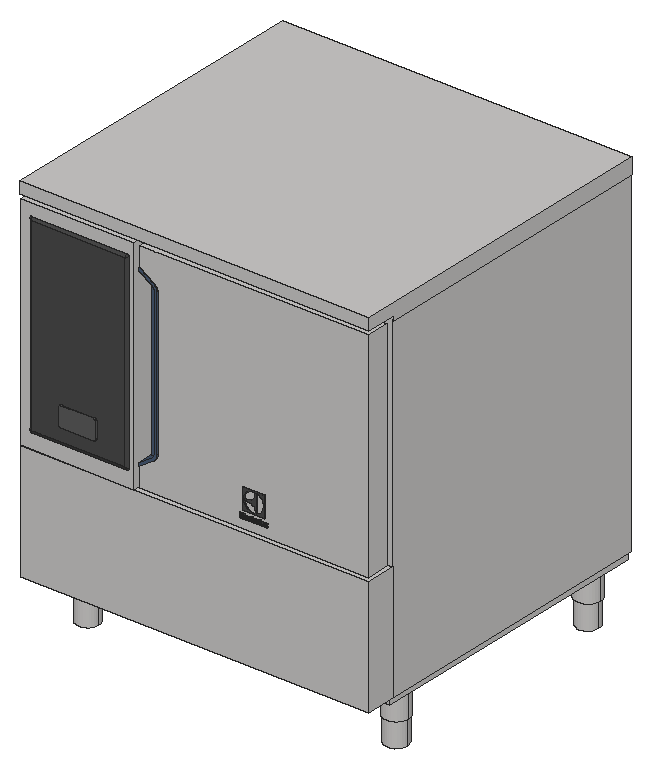
Revit family "QF_ELECTROLUXPROFESSIONAL_727783_EBFA61UTE", category Specialty Equipment, Revit 2018
Family settings
  Round Connector Dimension = Use Diameter
  Part Type = Normal
  Work Plane-Based = No
  Always vertical = Yes
  Cut with Voids When Loaded = No
  Shared = No
  Room Calculation Point = No
Parameters
  Weight = 0.00 kg
  Watts = 0 W
  Volts = 380 V
  URL Manufacturer = "http://professional.electrolux.com"
  URL = "http://professional.electrolux.com"
  Steam Supply Size = 0 mm
  Steam Supply Minimum Pressure = 0.0 Pa
  Steam Supply Maximum Pressure = 0.0 Pa
  Steam Pounds per Hour = 0
  Show Logo [instance] = yes
  Show Clearance [instance] = yes
  Refrigeration Suction Line Size = 0 mm
  Refrigeration Liquid Line Size = 0 mm
  Refrigerant Compressor Remote = yes
  Manufacturer = "Electrolux"
  Phase = 3
  Model = "EBFA61UTE"
  Length Actual = 897 mm  # constant formula
  Item Number = "727783"
  Hot Water Size = 0 mm
  Height Actual = 1060 mm  # constant formula
  HP = "3.6 HP"
  Gas Size = 0 mm
  Gas KW = 0
  Gas Input Pressure = 0 W
  Direct Waste Size = 139.7 mm
  Description = "SKYLINE CHILLS BLAST CHILLER FREEZER 30/30KG 6 GN 1/1 - WITH TOP - WITH UV LAMP"
  Depth Actual = 937 mm  # constant formula
  Cycle = 50 Hz
  Condensate Return Size = 0 mm
  Compressed Air Volume = 0.0 L/s
  Compressed Air Size = 0 mm
  Compressed Air Pressure = 0.0 Pa
  Cold Water Size = 0 mm
  Accessory = yes
Reference planes
  plane 1 "Center X": y = 126.851
  plane 2: z = 0
  plane 3 "Center Y": x = -311.5
  plane 4 "LEFT": x = -760
  plane 5 "BACK": y = 548.851
  plane 6 "RIGHT": x = 137
  plane 7 "FRONT": y = -295.149
  plane 8: z = 130
  plane 9 "TOP": z = 1060.038
  plane 10: x = -708
  plane 11: y = 473.851
  plane 12: x = 85
  plane 13: y = -142.149
  plane 14: z = 1020.038
  plane 15: y = 641.851
  plane 16: y = -847.149
Forms (mm)
  Extrusion 1, solid, material "QF_Finishes_Stainless Steel"
    sketch origin (0, 0, 1060.038) x (-1, 0, 0) y (0, -1, 0)
      loop
        line (759, -548.851) -> (759, 216.149) -> (-136, 216.149) -> (-136, -548.851) -> (759, -548.851)
    from -40 to -910.018
  Extrusion 2, solid, material "QF_Finishes_Stainless Steel"
    sketch origin (0, -295.149, 0) x (-1, 0, 0) y (0, 0, 1)
      loop
        line (451.2, 1020.033) -> (-135.995, 1020.033) -> (-135.995, 462.497) -> (451.2, 462.497) -> (451.2, 513.683) -> (415.41, 537.406)
        arc (415.41, 537.406) -> (408.839, 544.616) -> (406.46, 554.076) r 20
        line (406.46, 554.076) -> (406.46, 928.989)
        arc (406.46, 928.989) -> (408.716, 937.969) -> (414.947, 944.816) r 19
        line (414.947, 944.816) -> (451.2, 968.898) -> (451.2, 1020.033)
    from 0 to 60
  Extrusion 3, void
    sketch origin (-759, -216.149, 1060.038) x (-1, 0, 0) y (0, 0, 1)
      loop
        line (-370.8, -100) -> (-826.8, -100) -> (-826.8, -491.98) -> (-370.8, -491.98) -> (-370.8, -100)
    from 0 to 703
  Extrusion 4, solid, material "QF_Finishes_Stainless Steel"
    sketch origin (-760, -0.954, 0) x (0, 1, 0) y (0, 0, 1)
      loop
        line (549.805, 694.306) -> (549.805, 392.314) -> (635.5, 399.789)
        arc (635.5, 399.789) -> (640.702, 402.354) -> (642.805, 407.759) r 8
        line (642.805, 407.759) -> (642.805, 433.233)
        arc (642.805, 433.233) -> (638.783, 442.547) -> (642.805, 451.86) r 12.795
        line (642.805, 451.86) -> (642.805, 483.24)
        arc (642.805, 483.24) -> (638.783, 492.554) -> (642.805, 501.867) r 12.795
        line (642.805, 501.867) -> (642.805, 533.247)
        arc (642.805, 533.247) -> (638.783, 542.56) -> (642.805, 551.874) r 12.795
        line (642.805, 551.874) -> (642.805, 583.254)
        arc (642.805, 583.254) -> (638.783, 592.567) -> (642.805, 601.881) r 12.795
        line (642.805, 601.881) -> (642.805, 634.796)
        arc (642.805, 634.796) -> (641.466, 639.795) -> (637.808, 643.455) r 10
        line (637.808, 643.455) -> (549.805, 694.306)
    from 123.244 to 306.92
  Extrusion 5, solid, material "QF_Finishes_Stainless Steel"
    sketch origin (-817.599, 548.851, 1060.038) x (1, 0, 0) y (0, 0, -1)
      loop
        circle (121.599, 802.038) r 10.5
    from 0 to 29
  Extrusion 6, solid, material "QF_Finishes_Stainless Steel"
    sketch origin (0, -235.149, 0) x (-1, 0, 0) y (0, 0, 1)
      loop
        arc (406.46, 554.076) -> (408.839, 544.616) -> (415.41, 537.406) r 20
        line (415.41, 537.406) -> (451.2, 513.683) -> (451.2, 968.898) -> (414.947, 944.816)
        arc (414.947, 944.816) -> (408.716, 937.969) -> (406.46, 928.989) r 19
        line (406.46, 928.989) -> (406.46, 554.076)
    from -21 to 0
  Extrusion 7, solid, material "QF_Finishes_Electrolux_Blue"
    sketch origin (0, -295.149, 0) x (1, 0, 0) y (0, 0, 1)
      loop
        line (-451.2, 968.898) -> (-453.7, 968.898) -> (-453.7, 962.755) -> (-418.543, 939.401)
        arc (-418.543, 939.401) -> (-414.444, 934.897) -> (-412.96, 928.989) r 12.5
        line (-412.96, 928.989) -> (-412.96, 554.076)
        arc (-412.96, 554.076) -> (-414.566, 547.691) -> (-419.001, 542.824) r 13.5
        line (-419.001, 542.824) -> (-453.7, 519.824) -> (-453.7, 513.683) -> (-451.2, 513.683) -> (-415.41, 537.406)
        arc (-415.41, 537.406) -> (-408.839, 544.616) -> (-406.46, 554.076) r 20
        line (-406.46, 554.076) -> (-406.46, 928.989)
        arc (-406.46, 928.989) -> (-408.716, 937.969) -> (-414.947, 944.816) r 19
        line (-414.947, 944.816) -> (-451.2, 968.898)
    from -39 to 1
  Extrusion 8, solid, material "QF_Finishes_Stainless Steel"
    sketch origin (0, 0, 1060.038) x (-1, 0, 0) y (0, -1, 0)
      loop
        line (759, 295.149) -> (467.2, 295.149) -> (467.2, 217.149) -> (759, 217.149) -> (759, 295.149)
    from -40 to -607
  Extrusion 9, solid, material "QF_Finishes_Stainless Steel"
    sketch origin (-1206.916, -1524, 130) x (-1, 0, 0) y (0, -1, 0)
      loop
        line (-447.916, -1228.851) -> (-1342.916, -1228.851) -> (-1342.916, -1306.851) -> (-447.916, -1306.851) -> (-447.916, -1228.851)
    from 322 to 20.02
  Extrusion 10, solid, material "QF_Finishes_Stainless Steel"
    sketch origin (-311.5, 0, 0) x (0, 1, 0) y (0, 0, 1)
      loop
        line (548.851, 1060.038) -> (-295.149, 1060.038) -> (-295.149, 1030.034) -> (-216.149, 1030.034) -> (-216.149, 1020.038) -> (548.851, 1020.038) -> (548.851, 1060.038)
    from -448.5 to 448.5
  Extrusion 11, solid, material "QF_Finishes_Stainless Steel"
    sketch origin (0, 0, 1060.038) x (-1, 0, 0) y (0, -1, 0)
      loop
        line (748.993, -548.851) -> (748.993, 214.216) -> (-125.993, 214.216) -> (-125.993, -548.851) -> (748.993, -548.851)
    from -910.018 to -930.038
  Extrusion 12, solid, material "QF_Finishes_Stainless Steel"
    sketch origin (0, 0, 130) x (0, -1, 0) y (-1, 0, 0)
      loop
        circle (-215.851, 360) r 9.5
    from 0 to 31.68
  Extrusion 13, void
    sketch origin (0, 0, 1060.038) x (-1, 0, 0) y (0, -1, 0)
      loop
        line (627.033, -641.851) -> (636.756, -641.851) -> (636.756, -548.851) -> (635.125, -548.851) -> (627.033, -641.851)
      loop
        line (454.711, -548.851) -> (453.08, -548.851) -> (453.08, -641.851) -> (462.803, -641.851) -> (454.711, -548.851)
    from -673 to -363
  Extrusion 14, solid, material "QF_Door-Drawer Clearances", visible <- "Show Clearance", detail levels coarse
    sketch origin (143, -393.449, 0) x (0, -1, 0) y (0, 0, 1)
      loop
        line (451.2, 1020.033) -> (-98.3, 1020.033) -> (-98.3, 462.497) -> (451.2, 462.497) -> (451.2, 513.683) -> (415.41, 537.406)
        arc (415.41, 537.406) -> (408.839, 544.616) -> (406.46, 554.076) r 20
        line (406.46, 554.076) -> (406.46, 928.989)
        arc (406.46, 928.989) -> (408.716, 937.969) -> (414.947, 944.816) r 19
        line (414.947, 944.816) -> (451.2, 968.898) -> (451.2, 1020.033)
    from 0 to 60
  Extrusion 15, solid, material "QF_Door-Drawer Clearances", visible <- "Show Clearance", detail levels coarse
    sketch origin (83, -393.449, 0) x (0, -1, 0) y (0, 0, 1)
      loop
        arc (406.46, 554.076) -> (408.839, 544.616) -> (415.41, 537.406) r 20
        line (415.41, 537.406) -> (451.2, 513.683) -> (451.2, 968.898) -> (414.947, 944.816)
        arc (414.947, 944.816) -> (408.716, 937.969) -> (406.46, 928.989) r 19
        line (406.46, 928.989) -> (406.46, 554.076)
    from -21 to 0
  Extrusion 16, solid, material "QF_Door-Drawer Clearances", visible <- "Show Clearance", detail levels coarse
    sketch origin (143, -393.449, 0) x (0, 1, 0) y (0, 0, 1)
      loop
        line (-451.2, 968.898) -> (-453.7, 968.898) -> (-453.7, 962.755) -> (-418.543, 939.401)
        arc (-418.543, 939.401) -> (-414.444, 934.897) -> (-412.96, 928.989) r 12.5
        line (-412.96, 928.989) -> (-412.96, 554.076)
        arc (-412.96, 554.076) -> (-414.566, 547.691) -> (-419.001, 542.824) r 13.5
        line (-419.001, 542.824) -> (-453.7, 519.824) -> (-453.7, 513.683) -> (-451.2, 513.683) -> (-415.41, 537.406)
        arc (-415.41, 537.406) -> (-408.839, 544.616) -> (-406.46, 554.076) r 20
        line (-406.46, 554.076) -> (-406.46, 928.989)
        arc (-406.46, 928.989) -> (-408.716, 937.969) -> (-414.947, 944.816) r 19
        line (-414.947, 944.816) -> (-451.2, 968.898)
    from -39 to 1
  Extrusion 17, solid, material "QF_Door-Drawer Clearances", visible <- "Show Clearance", detail levels coarse
    sketch origin (0, 0, 1060.038) x (-1, 0, 0) y (0, -1, 0)
      loop
        line (-83, 295.149) -> (451.2, 295.149)
        arc (451.2, 295.149) -> (290.883, 673.709) -> (-83, 844.649) r 567.425
        line (-83, 844.649) -> (-83, 295.149)
    from -597.541 to -40
Cuts and joins
  Extrusion 3 cuts Extrusion 1
  Extrusion 13 cuts Extrusion 4
  joined: Extrusion 1, Extrusion 4, Extrusion 5, Extrusion 10, Extrusion 11, Extrusion 12
  joined: Extrusion 2, Extrusion 6
  joined: Extrusion 14, Extrusion 15, Extrusion 16, Extrusion 17
Lines and regions (mm)
  Split face 1
    outline origin (-489, -295.149, 130) x (-1, 0, 0) y (0, 0, -1)
      loop
        line (-132.388, -290.639) -> (-22.373, -290.639) -> (-22.373, -285.612) -> (-132.388, -285.612) -> (-132.388, -290.639)
  Split face 2
    outline origin (-489, -295.149, 120.528) x (-1, 0, 0) y (0, 0, -1)
      loop
        line (-132.388, -290.639) -> (-22.373, -290.639) -> (-22.373, -285.612) -> (-132.388, -285.612) -> (-132.388, -290.639)
  Split face 3
    outline origin (-489, -295.149, 111.056) x (-1, 0, 0) y (0, 0, -1)
      loop
        line (-132.388, -290.639) -> (-22.373, -290.639) -> (-22.373, -285.612) -> (-132.388, -285.612) -> (-132.388, -290.639)
  Split face 4
    outline origin (-489, -295.149, 101.583) x (-1, 0, 0) y (0, 0, -1)
      loop
        line (-132.388, -290.639) -> (-22.373, -290.639) -> (-22.373, -285.612) -> (-132.388, -285.612) -> (-132.388, -290.639)
  Split face 5
    outline origin (-489, -295.149, 92.111) x (-1, 0, 0) y (0, 0, -1)
      loop
        line (-132.388, -290.639) -> (-22.373, -290.639) -> (-22.373, -285.612) -> (-132.388, -285.612) -> (-132.388, -290.639)
  Split face 6
    outline origin (-489, -295.149, 82.639) x (-1, 0, 0) y (0, 0, -1)
      loop
        line (-132.388, -290.639) -> (-22.373, -290.639) -> (-22.373, -285.612) -> (-132.388, -285.612) -> (-132.388, -290.639)
  Split face 7
    outline origin (-489, -295.149, 73.167) x (-1, 0, 0) y (0, 0, -1)
      loop
        line (-132.388, -290.639) -> (-22.373, -290.639) -> (-22.373, -285.612) -> (-132.388, -285.612) -> (-132.388, -290.639)
  Split face 8
    outline origin (-489, -295.149, 63.695) x (-1, 0, 0) y (0, 0, -1)
      loop
        line (-132.388, -290.639) -> (-22.373, -290.639) -> (-22.373, -285.612) -> (-132.388, -285.612) -> (-132.388, -290.639)
  Split face 9
    outline origin (-489, -295.149, 54.223) x (-1, 0, 0) y (0, 0, -1)
      loop
        line (-132.388, -290.639) -> (-22.373, -290.639) -> (-22.373, -285.612) -> (-132.388, -285.612) -> (-132.388, -290.639)
  Split face 10
    outline origin (-489, -295.149, 44.75) x (-1, 0, 0) y (0, 0, -1)
      loop
        line (-132.388, -290.639) -> (-22.373, -290.639) -> (-22.373, -285.612) -> (-132.388, -285.612) -> (-132.388, -290.639)
  Split face 11
    outline origin (-489, -295.149, 35.278) x (-1, 0, 0) y (0, 0, -1)
      loop
        line (-132.388, -290.639) -> (-22.373, -290.639) -> (-22.373, -285.612) -> (-132.388, -285.612) -> (-132.388, -290.639)
  Split face 12
    outline origin (-489, -295.149, 25.806) x (-1, 0, 0) y (0, 0, -1)
      loop
        line (-132.388, -290.639) -> (-22.373, -290.639) -> (-22.373, -285.612) -> (-132.388, -285.612) -> (-132.388, -290.639)
  Split face 13
    outline origin (-489, -295.149, 16.334) x (-1, 0, 0) y (0, 0, -1)
      loop
        line (-132.388, -290.639) -> (-22.373, -290.639) -> (-22.373, -285.612) -> (-132.388, -285.612) -> (-132.388, -290.639)
  Split face 14
    outline origin (-489, -295.149, 6.862) x (-1, 0, 0) y (0, 0, -1)
      loop
        line (-132.388, -290.639) -> (-22.373, -290.639) -> (-22.373, -285.612) -> (-132.388, -285.612) -> (-132.388, -290.639)
  Split face 15
    outline origin (-489, -295.149, -2.611) x (-1, 0, 0) y (0, 0, -1)
      loop
        line (-132.388, -290.639) -> (-22.373, -290.639) -> (-22.373, -285.612) -> (-132.388, -285.612) -> (-132.388, -290.639)
  Split face 16
    outline origin (-489, -295.149, -12.083) x (-1, 0, 0) y (0, 0, -1)
      loop
        line (-132.388, -290.639) -> (-22.373, -290.639) -> (-22.373, -285.612) -> (-132.388, -285.612) -> (-132.388, -290.639)
  Split face 17
    outline origin (-489, -295.149, -21.555) x (-1, 0, 0) y (0, 0, -1)
      loop
        line (-132.388, -290.639) -> (-22.373, -290.639) -> (-22.373, -285.612) -> (-132.388, -285.612) -> (-132.388, -290.639)
  Split face 18
    outline origin (-489, -295.149, -31.027) x (-1, 0, 0) y (0, 0, -1)
      loop
        line (-132.388, -290.639) -> (-22.373, -290.639) -> (-22.373, -285.612) -> (-132.388, -285.612) -> (-132.388, -290.639)
  Split face 19
    outline origin (-489, -295.149, -40.499) x (-1, 0, 0) y (0, 0, -1)
      loop
        line (-132.388, -290.639) -> (-22.373, -290.639) -> (-22.373, -285.612) -> (-132.388, -285.612) -> (-132.388, -290.639)
  Split face 20
    outline origin (-489, -295.149, -49.972) x (-1, 0, 0) y (0, 0, -1)
      loop
        line (-132.388, -290.639) -> (-22.373, -290.639) -> (-22.373, -285.612) -> (-132.388, -285.612) -> (-132.388, -290.639)
  Split face 21
    outline origin (-489, -295.149, -59.444) x (-1, 0, 0) y (0, 0, -1)
      loop
        line (-132.388, -290.639) -> (-22.373, -290.639) -> (-22.373, -285.612) -> (-132.388, -285.612) -> (-132.388, -290.639)
  Split face 22
    outline origin (-489, -295.149, -68.916) x (-1, 0, 0) y (0, 0, -1)
      loop
        line (-132.388, -290.639) -> (-22.373, -290.639) -> (-22.373, -285.612) -> (-132.388, -285.612) -> (-132.388, -290.639)
  Split face 23
    outline origin (-489, -295.149, -78.388) x (-1, 0, 0) y (0, 0, -1)
      loop
        line (-132.388, -290.639) -> (-22.373, -290.639) -> (-22.373, -285.612) -> (-132.388, -285.612) -> (-132.388, -290.639)
  Split face 24
    outline origin (-489, -295.149, -87.86) x (-1, 0, 0) y (0, 0, -1)
      loop
        line (-132.388, -290.639) -> (-22.373, -290.639) -> (-22.373, -285.612) -> (-132.388, -285.612) -> (-132.388, -290.639)
  Split face 25
    outline origin (-489, -295.149, -97.332) x (-1, 0, 0) y (0, 0, -1)
      loop
        line (-132.388, -290.639) -> (-22.373, -290.639) -> (-22.373, -285.612) -> (-132.388, -285.612) -> (-132.388, -290.639)
  Split face 26
    outline origin (-489, -295.149, -106.805) x (-1, 0, 0) y (0, 0, -1)
      loop
        line (-132.388, -290.639) -> (-22.373, -290.639) -> (-22.373, -285.612) -> (-132.388, -285.612) -> (-132.388, -290.639)
  Split face 27
    outline origin (-373.984, -295.149, 130) x (-1, 0, 0) y (0, 0, -1)
      loop
        line (-132.388, -290.639) -> (-22.373, -290.639) -> (-22.373, -285.612) -> (-132.388, -285.612) -> (-132.388, -290.639)
  Split face 28
    outline origin (-373.984, -295.149, 120.528) x (-1, 0, 0) y (0, 0, -1)
      loop
        line (-132.388, -290.639) -> (-22.373, -290.639) -> (-22.373, -285.612) -> (-132.388, -285.612) -> (-132.388, -290.639)
  Split face 29
    outline origin (-373.984, -295.149, 111.056) x (-1, 0, 0) y (0, 0, -1)
      loop
        line (-132.388, -290.639) -> (-22.373, -290.639) -> (-22.373, -285.612) -> (-132.388, -285.612) -> (-132.388, -290.639)
  Split face 30
    outline origin (-373.984, -295.149, 101.583) x (-1, 0, 0) y (0, 0, -1)
      loop
        line (-132.388, -290.639) -> (-22.373, -290.639) -> (-22.373, -285.612) -> (-132.388, -285.612) -> (-132.388, -290.639)
  Split face 31
    outline origin (-373.984, -295.149, 92.111) x (-1, 0, 0) y (0, 0, -1)
      loop
        line (-132.388, -290.639) -> (-22.373, -290.639) -> (-22.373, -285.612) -> (-132.388, -285.612) -> (-132.388, -290.639)
  Split face 32
    outline origin (-373.984, -295.149, 82.639) x (-1, 0, 0) y (0, 0, -1)
      loop
        line (-132.388, -290.639) -> (-22.373, -290.639) -> (-22.373, -285.612) -> (-132.388, -285.612) -> (-132.388, -290.639)
  Split face 33
    outline origin (-373.984, -295.149, 73.167) x (-1, 0, 0) y (0, 0, -1)
      loop
        line (-132.388, -290.639) -> (-22.373, -290.639) -> (-22.373, -285.612) -> (-132.388, -285.612) -> (-132.388, -290.639)
  Split face 34
    outline origin (-373.984, -295.149, 63.695) x (-1, 0, 0) y (0, 0, -1)
      loop
        line (-132.388, -290.639) -> (-22.373, -290.639) -> (-22.373, -285.612) -> (-132.388, -285.612) -> (-132.388, -290.639)
  Split face 35
    outline origin (-373.984, -295.149, 54.223) x (-1, 0, 0) y (0, 0, -1)
      loop
        line (-132.388, -290.639) -> (-22.373, -290.639) -> (-22.373, -285.612) -> (-132.388, -285.612) -> (-132.388, -290.639)
  Split face 36
    outline origin (-373.984, -295.149, 44.75) x (-1, 0, 0) y (0, 0, -1)
      loop
        line (-132.388, -290.639) -> (-22.373, -290.639) -> (-22.373, -285.612) -> (-132.388, -285.612) -> (-132.388, -290.639)
  Split face 37
    outline origin (-373.984, -295.149, 35.278) x (-1, 0, 0) y (0, 0, -1)
      loop
        line (-132.388, -290.639) -> (-22.373, -290.639) -> (-22.373, -285.612) -> (-132.388, -285.612) -> (-132.388, -290.639)
  Split face 38
    outline origin (-373.984, -295.149, 25.806) x (-1, 0, 0) y (0, 0, -1)
      loop
        line (-132.388, -290.639) -> (-22.373, -290.639) -> (-22.373, -285.612) -> (-132.388, -285.612) -> (-132.388, -290.639)
  Split face 39
    outline origin (-373.984, -295.149, 16.334) x (-1, 0, 0) y (0, 0, -1)
      loop
        line (-132.388, -290.639) -> (-22.373, -290.639) -> (-22.373, -285.612) -> (-132.388, -285.612) -> (-132.388, -290.639)
  Split face 40
    outline origin (-373.984, -295.149, 6.862) x (-1, 0, 0) y (0, 0, -1)
      loop
        line (-132.388, -290.639) -> (-22.373, -290.639) -> (-22.373, -285.612) -> (-132.388, -285.612) -> (-132.388, -290.639)
  Split face 41
    outline origin (-373.984, -295.149, -2.611) x (-1, 0, 0) y (0, 0, -1)
      loop
        line (-132.388, -290.639) -> (-22.373, -290.639) -> (-22.373, -285.612) -> (-132.388, -285.612) -> (-132.388, -290.639)
  Split face 42
    outline origin (-373.984, -295.149, -12.083) x (-1, 0, 0) y (0, 0, -1)
      loop
        line (-132.388, -290.639) -> (-22.373, -290.639) -> (-22.373, -285.612) -> (-132.388, -285.612) -> (-132.388, -290.639)
  Split face 43
    outline origin (-373.984, -295.149, -21.555) x (-1, 0, 0) y (0, 0, -1)
      loop
        line (-132.388, -290.639) -> (-22.373, -290.639) -> (-22.373, -285.612) -> (-132.388, -285.612) -> (-132.388, -290.639)
  Split face 44
    outline origin (-373.984, -295.149, -31.027) x (-1, 0, 0) y (0, 0, -1)
      loop
        line (-132.388, -290.639) -> (-22.373, -290.639) -> (-22.373, -285.612) -> (-132.388, -285.612) -> (-132.388, -290.639)
  Split face 45
    outline origin (-373.984, -295.149, -40.499) x (-1, 0, 0) y (0, 0, -1)
      loop
        line (-132.388, -290.639) -> (-22.373, -290.639) -> (-22.373, -285.612) -> (-132.388, -285.612) -> (-132.388, -290.639)
  Split face 46
    outline origin (-373.984, -295.149, -49.972) x (-1, 0, 0) y (0, 0, -1)
      loop
        line (-132.388, -290.639) -> (-22.373, -290.639) -> (-22.373, -285.612) -> (-132.388, -285.612) -> (-132.388, -290.639)
  Split face 47
    outline origin (-373.984, -295.149, -59.444) x (-1, 0, 0) y (0, 0, -1)
      loop
        line (-132.388, -290.639) -> (-22.373, -290.639) -> (-22.373, -285.612) -> (-132.388, -285.612) -> (-132.388, -290.639)
  Split face 48
    outline origin (-373.984, -295.149, -68.916) x (-1, 0, 0) y (0, 0, -1)
      loop
        line (-132.388, -290.639) -> (-22.373, -290.639) -> (-22.373, -285.612) -> (-132.388, -285.612) -> (-132.388, -290.639)
  Split face 49
    outline origin (-373.984, -295.149, -78.388) x (-1, 0, 0) y (0, 0, -1)
      loop
        line (-132.388, -290.639) -> (-22.373, -290.639) -> (-22.373, -285.612) -> (-132.388, -285.612) -> (-132.388, -290.639)
  Split face 50
    outline origin (-373.984, -295.149, -87.86) x (-1, 0, 0) y (0, 0, -1)
      loop
        line (-132.388, -290.639) -> (-22.373, -290.639) -> (-22.373, -285.612) -> (-132.388, -285.612) -> (-132.388, -290.639)
  Split face 51
    outline origin (-373.984, -295.149, -97.332) x (-1, 0, 0) y (0, 0, -1)
      loop
        line (-132.388, -290.639) -> (-22.373, -290.639) -> (-22.373, -285.612) -> (-132.388, -285.612) -> (-132.388, -290.639)
  Split face 52
    outline origin (-373.984, -295.149, -106.805) x (-1, 0, 0) y (0, 0, -1)
      loop
        line (-132.388, -290.639) -> (-22.373, -290.639) -> (-22.373, -285.612) -> (-132.388, -285.612) -> (-132.388, -290.639)
  Split face 53
    outline origin (-258.969, -295.149, 130) x (-1, 0, 0) y (0, 0, -1)
      loop
        line (-132.388, -290.639) -> (-22.373, -290.639) -> (-22.373, -285.612) -> (-132.388, -285.612) -> (-132.388, -290.639)
  Split face 54
    outline origin (-258.969, -295.149, 120.528) x (-1, 0, 0) y (0, 0, -1)
      loop
        line (-132.388, -290.639) -> (-22.373, -290.639) -> (-22.373, -285.612) -> (-132.388, -285.612) -> (-132.388, -290.639)
  Split face 55
    outline origin (-258.969, -295.149, 111.056) x (-1, 0, 0) y (0, 0, -1)
      loop
        line (-132.388, -290.639) -> (-22.373, -290.639) -> (-22.373, -285.612) -> (-132.388, -285.612) -> (-132.388, -290.639)
  Split face 56
    outline origin (-258.969, -295.149, 101.583) x (-1, 0, 0) y (0, 0, -1)
      loop
        line (-132.388, -290.639) -> (-22.373, -290.639) -> (-22.373, -285.612) -> (-132.388, -285.612) -> (-132.388, -290.639)
  Split face 57
    outline origin (-258.969, -295.149, 92.111) x (-1, 0, 0) y (0, 0, -1)
      loop
        line (-132.388, -290.639) -> (-22.373, -290.639) -> (-22.373, -285.612) -> (-132.388, -285.612) -> (-132.388, -290.639)
  Split face 58
    outline origin (-258.969, -295.149, 82.639) x (-1, 0, 0) y (0, 0, -1)
      loop
        line (-132.388, -290.639) -> (-22.373, -290.639) -> (-22.373, -285.612) -> (-132.388, -285.612) -> (-132.388, -290.639)
  Split face 59
    outline origin (-258.969, -295.149, 73.167) x (-1, 0, 0) y (0, 0, -1)
      loop
        line (-132.388, -290.639) -> (-22.373, -290.639) -> (-22.373, -285.612) -> (-132.388, -285.612) -> (-132.388, -290.639)
  Split face 60
    outline origin (-258.969, -295.149, 63.695) x (-1, 0, 0) y (0, 0, -1)
      loop
        line (-132.388, -290.639) -> (-22.373, -290.639) -> (-22.373, -285.612) -> (-132.388, -285.612) -> (-132.388, -290.639)
  Split face 61
    outline origin (-258.969, -295.149, 54.223) x (-1, 0, 0) y (0, 0, -1)
      loop
        line (-132.388, -290.639) -> (-22.373, -290.639) -> (-22.373, -285.612) -> (-132.388, -285.612) -> (-132.388, -290.639)
  Split face 62
    outline origin (-258.969, -295.149, 44.75) x (-1, 0, 0) y (0, 0, -1)
      loop
        line (-132.388, -290.639) -> (-22.373, -290.639) -> (-22.373, -285.612) -> (-132.388, -285.612) -> (-132.388, -290.639)
  Split face 63
    outline origin (-258.969, -295.149, 35.278) x (-1, 0, 0) y (0, 0, -1)
      loop
        line (-132.388, -290.639) -> (-22.373, -290.639) -> (-22.373, -285.612) -> (-132.388, -285.612) -> (-132.388, -290.639)
  Split face 64
    outline origin (-258.969, -295.149, 25.806) x (-1, 0, 0) y (0, 0, -1)
      loop
        line (-132.388, -290.639) -> (-22.373, -290.639) -> (-22.373, -285.612) -> (-132.388, -285.612) -> (-132.388, -290.639)
  Split face 65
    outline origin (-258.969, -295.149, 16.334) x (-1, 0, 0) y (0, 0, -1)
      loop
        line (-132.388, -290.639) -> (-22.373, -290.639) -> (-22.373, -285.612) -> (-132.388, -285.612) -> (-132.388, -290.639)
  Split face 66
    outline origin (-258.969, -295.149, 6.862) x (-1, 0, 0) y (0, 0, -1)
      loop
        line (-132.388, -290.639) -> (-22.373, -290.639) -> (-22.373, -285.612) -> (-132.388, -285.612) -> (-132.388, -290.639)
  Split face 67
    outline origin (-258.969, -295.149, -2.611) x (-1, 0, 0) y (0, 0, -1)
      loop
        line (-132.388, -290.639) -> (-22.373, -290.639) -> (-22.373, -285.612) -> (-132.388, -285.612) -> (-132.388, -290.639)
  Split face 68
    outline origin (-258.969, -295.149, -12.083) x (-1, 0, 0) y (0, 0, -1)
      loop
        line (-132.388, -290.639) -> (-22.373, -290.639) -> (-22.373, -285.612) -> (-132.388, -285.612) -> (-132.388, -290.639)
  Split face 69
    outline origin (-258.969, -295.149, -21.555) x (-1, 0, 0) y (0, 0, -1)
      loop
        line (-132.388, -290.639) -> (-22.373, -290.639) -> (-22.373, -285.612) -> (-132.388, -285.612) -> (-132.388, -290.639)
  Split face 70
    outline origin (-258.969, -295.149, -31.027) x (-1, 0, 0) y (0, 0, -1)
      loop
        line (-132.388, -290.639) -> (-22.373, -290.639) -> (-22.373, -285.612) -> (-132.388, -285.612) -> (-132.388, -290.639)
  Split face 71
    outline origin (-258.969, -295.149, -40.499) x (-1, 0, 0) y (0, 0, -1)
      loop
        line (-132.388, -290.639) -> (-22.373, -290.639) -> (-22.373, -285.612) -> (-132.388, -285.612) -> (-132.388, -290.639)
  Split face 72
    outline origin (-258.969, -295.149, -49.972) x (-1, 0, 0) y (0, 0, -1)
      loop
        line (-132.388, -290.639) -> (-22.373, -290.639) -> (-22.373, -285.612) -> (-132.388, -285.612) -> (-132.388, -290.639)
  Split face 73
    outline origin (-258.969, -295.149, -59.444) x (-1, 0, 0) y (0, 0, -1)
      loop
        line (-132.388, -290.639) -> (-22.373, -290.639) -> (-22.373, -285.612) -> (-132.388, -285.612) -> (-132.388, -290.639)
  Split face 74
    outline origin (-258.969, -295.149, -68.916) x (-1, 0, 0) y (0, 0, -1)
      loop
        line (-132.388, -290.639) -> (-22.373, -290.639) -> (-22.373, -285.612) -> (-132.388, -285.612) -> (-132.388, -290.639)
  Split face 75
    outline origin (-258.969, -295.149, -78.388) x (-1, 0, 0) y (0, 0, -1)
      loop
        line (-132.388, -290.639) -> (-22.373, -290.639) -> (-22.373, -285.612) -> (-132.388, -285.612) -> (-132.388, -290.639)
  Split face 76
    outline origin (-258.969, -295.149, -87.86) x (-1, 0, 0) y (0, 0, -1)
      loop
        line (-132.388, -290.639) -> (-22.373, -290.639) -> (-22.373, -285.612) -> (-132.388, -285.612) -> (-132.388, -290.639)
  Split face 77
    outline origin (-258.969, -295.149, -97.332) x (-1, 0, 0) y (0, 0, -1)
      loop
        line (-132.388, -290.639) -> (-22.373, -290.639) -> (-22.373, -285.612) -> (-132.388, -285.612) -> (-132.388, -290.639)
  Split face 78
    outline origin (-258.969, -295.149, -106.805) x (-1, 0, 0) y (0, 0, -1)
      loop
        line (-132.388, -290.639) -> (-22.373, -290.639) -> (-22.373, -285.612) -> (-132.388, -285.612) -> (-132.388, -290.639)
  Split face 79
    outline origin (-143.953, -295.149, 130) x (-1, 0, 0) y (0, 0, -1)
      loop
        line (-132.388, -290.639) -> (-22.373, -290.639) -> (-22.373, -285.612) -> (-132.388, -285.612) -> (-132.388, -290.639)
  Split face 80
    outline origin (-143.953, -295.149, 120.528) x (-1, 0, 0) y (0, 0, -1)
      loop
        line (-132.388, -290.639) -> (-22.373, -290.639) -> (-22.373, -285.612) -> (-132.388, -285.612) -> (-132.388, -290.639)
  Split face 81
    outline origin (-143.953, -295.149, 111.056) x (-1, 0, 0) y (0, 0, -1)
      loop
        line (-132.388, -290.639) -> (-22.373, -290.639) -> (-22.373, -285.612) -> (-132.388, -285.612) -> (-132.388, -290.639)
  Split face 82
    outline origin (-143.953, -295.149, 101.583) x (-1, 0, 0) y (0, 0, -1)
      loop
        line (-132.388, -290.639) -> (-22.373, -290.639) -> (-22.373, -285.612) -> (-132.388, -285.612) -> (-132.388, -290.639)
  Split face 83
    outline origin (-143.953, -295.149, 92.111) x (-1, 0, 0) y (0, 0, -1)
      loop
        line (-132.388, -290.639) -> (-22.373, -290.639) -> (-22.373, -285.612) -> (-132.388, -285.612) -> (-132.388, -290.639)
  Split face 84
    outline origin (-143.953, -295.149, 82.639) x (-1, 0, 0) y (0, 0, -1)
      loop
        line (-132.388, -290.639) -> (-22.373, -290.639) -> (-22.373, -285.612) -> (-132.388, -285.612) -> (-132.388, -290.639)
  Split face 85
    outline origin (-143.953, -295.149, 73.167) x (-1, 0, 0) y (0, 0, -1)
      loop
        line (-132.388, -290.639) -> (-22.373, -290.639) -> (-22.373, -285.612) -> (-132.388, -285.612) -> (-132.388, -290.639)
  Split face 86
    outline origin (-143.953, -295.149, 63.695) x (-1, 0, 0) y (0, 0, -1)
      loop
        line (-132.388, -290.639) -> (-22.373, -290.639) -> (-22.373, -285.612) -> (-132.388, -285.612) -> (-132.388, -290.639)
  Split face 87
    outline origin (-143.953, -295.149, 54.223) x (-1, 0, 0) y (0, 0, -1)
      loop
        line (-132.388, -290.639) -> (-22.373, -290.639) -> (-22.373, -285.612) -> (-132.388, -285.612) -> (-132.388, -290.639)
  Split face 88
    outline origin (-143.953, -295.149, 44.75) x (-1, 0, 0) y (0, 0, -1)
      loop
        line (-132.388, -290.639) -> (-22.373, -290.639) -> (-22.373, -285.612) -> (-132.388, -285.612) -> (-132.388, -290.639)
  Split face 89
    outline origin (-143.953, -295.149, 35.278) x (-1, 0, 0) y (0, 0, -1)
      loop
        line (-132.388, -290.639) -> (-22.373, -290.639) -> (-22.373, -285.612) -> (-132.388, -285.612) -> (-132.388, -290.639)
  Split face 90
    outline origin (-143.953, -295.149, 25.806) x (-1, 0, 0) y (0, 0, -1)
      loop
        line (-132.388, -290.639) -> (-22.373, -290.639) -> (-22.373, -285.612) -> (-132.388, -285.612) -> (-132.388, -290.639)
  Split face 91
    outline origin (-143.953, -295.149, 16.334) x (-1, 0, 0) y (0, 0, -1)
      loop
        line (-132.388, -290.639) -> (-22.373, -290.639) -> (-22.373, -285.612) -> (-132.388, -285.612) -> (-132.388, -290.639)
  Split face 92
    outline origin (-143.953, -295.149, 6.862) x (-1, 0, 0) y (0, 0, -1)
      loop
        line (-132.388, -290.639) -> (-22.373, -290.639) -> (-22.373, -285.612) -> (-132.388, -285.612) -> (-132.388, -290.639)
  Split face 93
    outline origin (-143.953, -295.149, -2.611) x (-1, 0, 0) y (0, 0, -1)
      loop
        line (-132.388, -290.639) -> (-22.373, -290.639) -> (-22.373, -285.612) -> (-132.388, -285.612) -> (-132.388, -290.639)
  Split face 94
    outline origin (-143.953, -295.149, -12.083) x (-1, 0, 0) y (0, 0, -1)
      loop
        line (-132.388, -290.639) -> (-22.373, -290.639) -> (-22.373, -285.612) -> (-132.388, -285.612) -> (-132.388, -290.639)
  Split face 95
    outline origin (-143.953, -295.149, -21.555) x (-1, 0, 0) y (0, 0, -1)
      loop
        line (-132.388, -290.639) -> (-22.373, -290.639) -> (-22.373, -285.612) -> (-132.388, -285.612) -> (-132.388, -290.639)
  Split face 96
    outline origin (-143.953, -295.149, -31.027) x (-1, 0, 0) y (0, 0, -1)
      loop
        line (-132.388, -290.639) -> (-22.373, -290.639) -> (-22.373, -285.612) -> (-132.388, -285.612) -> (-132.388, -290.639)
  Split face 97
    outline origin (-143.953, -295.149, -40.499) x (-1, 0, 0) y (0, 0, -1)
      loop
        line (-132.388, -290.639) -> (-22.373, -290.639) -> (-22.373, -285.612) -> (-132.388, -285.612) -> (-132.388, -290.639)
  Split face 98
    outline origin (-143.953, -295.149, -49.972) x (-1, 0, 0) y (0, 0, -1)
      loop
        line (-132.388, -290.639) -> (-22.373, -290.639) -> (-22.373, -285.612) -> (-132.388, -285.612) -> (-132.388, -290.639)
  Split face 99
    outline origin (-143.953, -295.149, -59.444) x (-1, 0, 0) y (0, 0, -1)
      loop
        line (-132.388, -290.639) -> (-22.373, -290.639) -> (-22.373, -285.612) -> (-132.388, -285.612) -> (-132.388, -290.639)
  Split face 100
    outline origin (-143.953, -295.149, -68.916) x (-1, 0, 0) y (0, 0, -1)
      loop
        line (-132.388, -290.639) -> (-22.373, -290.639) -> (-22.373, -285.612) -> (-132.388, -285.612) -> (-132.388, -290.639)
  Split face 101
    outline origin (-143.953, -295.149, -78.388) x (-1, 0, 0) y (0, 0, -1)
      loop
        line (-132.388, -290.639) -> (-22.373, -290.639) -> (-22.373, -285.612) -> (-132.388, -285.612) -> (-132.388, -290.639)
  Split face 102
    outline origin (-143.953, -295.149, -87.86) x (-1, 0, 0) y (0, 0, -1)
      loop
        line (-132.388, -290.639) -> (-22.373, -290.639) -> (-22.373, -285.612) -> (-132.388, -285.612) -> (-132.388, -290.639)
  Split face 103
    outline origin (-143.953, -295.149, -97.332) x (-1, 0, 0) y (0, 0, -1)
      loop
        line (-132.388, -290.639) -> (-22.373, -290.639) -> (-22.373, -285.612) -> (-132.388, -285.612) -> (-132.388, -290.639)
  Split face 104
    outline origin (-143.953, -295.149, -106.805) x (-1, 0, 0) y (0, 0, -1)
      loop
        line (-132.388, -290.639) -> (-22.373, -290.639) -> (-22.373, -285.612) -> (-132.388, -285.612) -> (-132.388, -290.639)
  Split face 105
    outline origin (-28.938, -295.149, 130) x (-1, 0, 0) y (0, 0, -1)
      loop
        line (-132.388, -290.639) -> (-22.373, -290.639) -> (-22.373, -285.612) -> (-132.388, -285.612) -> (-132.388, -290.639)
  Split face 106
    outline origin (-28.938, -295.149, 120.528) x (-1, 0, 0) y (0, 0, -1)
      loop
        line (-132.388, -290.639) -> (-22.373, -290.639) -> (-22.373, -285.612) -> (-132.388, -285.612) -> (-132.388, -290.639)
  Split face 107
    outline origin (-28.938, -295.149, 111.056) x (-1, 0, 0) y (0, 0, -1)
      loop
        line (-132.388, -290.639) -> (-22.373, -290.639) -> (-22.373, -285.612) -> (-132.388, -285.612) -> (-132.388, -290.639)
  Split face 108
    outline origin (-28.938, -295.149, 101.583) x (-1, 0, 0) y (0, 0, -1)
      loop
        line (-132.388, -290.639) -> (-22.373, -290.639) -> (-22.373, -285.612) -> (-132.388, -285.612) -> (-132.388, -290.639)
  Split face 109
    outline origin (-28.938, -295.149, 92.111) x (-1, 0, 0) y (0, 0, -1)
      loop
        line (-132.388, -290.639) -> (-22.373, -290.639) -> (-22.373, -285.612) -> (-132.388, -285.612) -> (-132.388, -290.639)
  Split face 110
    outline origin (-28.938, -295.149, 82.639) x (-1, 0, 0) y (0, 0, -1)
      loop
        line (-132.388, -290.639) -> (-22.373, -290.639) -> (-22.373, -285.612) -> (-132.388, -285.612) -> (-132.388, -290.639)
  Split face 111
    outline origin (-28.938, -295.149, 73.167) x (-1, 0, 0) y (0, 0, -1)
      loop
        line (-132.388, -290.639) -> (-22.373, -290.639) -> (-22.373, -285.612) -> (-132.388, -285.612) -> (-132.388, -290.639)
  Split face 112
    outline origin (-28.938, -295.149, 63.695) x (-1, 0, 0) y (0, 0, -1)
      loop
        line (-132.388, -290.639) -> (-22.373, -290.639) -> (-22.373, -285.612) -> (-132.388, -285.612) -> (-132.388, -290.639)
  Split face 113
    outline origin (-28.938, -295.149, 54.223) x (-1, 0, 0) y (0, 0, -1)
      loop
        line (-132.388, -290.639) -> (-22.373, -290.639) -> (-22.373, -285.612) -> (-132.388, -285.612) -> (-132.388, -290.639)
  Split face 114
    outline origin (-28.938, -295.149, 44.75) x (-1, 0, 0) y (0, 0, -1)
      loop
        line (-132.388, -290.639) -> (-22.373, -290.639) -> (-22.373, -285.612) -> (-132.388, -285.612) -> (-132.388, -290.639)
  Split face 115
    outline origin (-28.938, -295.149, 35.278) x (-1, 0, 0) y (0, 0, -1)
      loop
        line (-132.388, -290.639) -> (-22.373, -290.639) -> (-22.373, -285.612) -> (-132.388, -285.612) -> (-132.388, -290.639)
  Split face 116
    outline origin (-28.938, -295.149, 25.806) x (-1, 0, 0) y (0, 0, -1)
      loop
        line (-132.388, -290.639) -> (-22.373, -290.639) -> (-22.373, -285.612) -> (-132.388, -285.612) -> (-132.388, -290.639)
  Split face 117
    outline origin (-28.938, -295.149, 16.334) x (-1, 0, 0) y (0, 0, -1)
      loop
        line (-132.388, -290.639) -> (-22.373, -290.639) -> (-22.373, -285.612) -> (-132.388, -285.612) -> (-132.388, -290.639)
  Split face 118
    outline origin (-28.938, -295.149, 6.862) x (-1, 0, 0) y (0, 0, -1)
      loop
        line (-132.388, -290.639) -> (-22.373, -290.639) -> (-22.373, -285.612) -> (-132.388, -285.612) -> (-132.388, -290.639)
  Split face 119
    outline origin (-28.938, -295.149, -2.611) x (-1, 0, 0) y (0, 0, -1)
      loop
        line (-132.388, -290.639) -> (-22.373, -290.639) -> (-22.373, -285.612) -> (-132.388, -285.612) -> (-132.388, -290.639)
  Split face 120
    outline origin (-28.938, -295.149, -12.083) x (-1, 0, 0) y (0, 0, -1)
      loop
        line (-132.388, -290.639) -> (-22.373, -290.639) -> (-22.373, -285.612) -> (-132.388, -285.612) -> (-132.388, -290.639)
  Split face 121
    outline origin (-28.938, -295.149, -21.555) x (-1, 0, 0) y (0, 0, -1)
      loop
        line (-132.388, -290.639) -> (-22.373, -290.639) -> (-22.373, -285.612) -> (-132.388, -285.612) -> (-132.388, -290.639)
  Split face 122
    outline origin (-28.938, -295.149, -31.027) x (-1, 0, 0) y (0, 0, -1)
      loop
        line (-132.388, -290.639) -> (-22.373, -290.639) -> (-22.373, -285.612) -> (-132.388, -285.612) -> (-132.388, -290.639)
  Split face 123
    outline origin (-28.938, -295.149, -40.499) x (-1, 0, 0) y (0, 0, -1)
      loop
        line (-132.388, -290.639) -> (-22.373, -290.639) -> (-22.373, -285.612) -> (-132.388, -285.612) -> (-132.388, -290.639)
  Split face 124
    outline origin (-28.938, -295.149, -49.972) x (-1, 0, 0) y (0, 0, -1)
      loop
        line (-132.388, -290.639) -> (-22.373, -290.639) -> (-22.373, -285.612) -> (-132.388, -285.612) -> (-132.388, -290.639)
  Split face 125
    outline origin (-28.938, -295.149, -59.444) x (-1, 0, 0) y (0, 0, -1)
      loop
        line (-132.388, -290.639) -> (-22.373, -290.639) -> (-22.373, -285.612) -> (-132.388, -285.612) -> (-132.388, -290.639)
  Split face 126
    outline origin (-28.938, -295.149, -68.916) x (-1, 0, 0) y (0, 0, -1)
      loop
        line (-132.388, -290.639) -> (-22.373, -290.639) -> (-22.373, -285.612) -> (-132.388, -285.612) -> (-132.388, -290.639)
  Split face 127
    outline origin (-28.938, -295.149, -78.388) x (-1, 0, 0) y (0, 0, -1)
      loop
        line (-132.388, -290.639) -> (-22.373, -290.639) -> (-22.373, -285.612) -> (-132.388, -285.612) -> (-132.388, -290.639)
  Split face 128
    outline origin (-28.938, -295.149, -87.86) x (-1, 0, 0) y (0, 0, -1)
      loop
        line (-132.388, -290.639) -> (-22.373, -290.639) -> (-22.373, -285.612) -> (-132.388, -285.612) -> (-132.388, -290.639)
  Split face 129
    outline origin (-28.938, -295.149, -97.332) x (-1, 0, 0) y (0, 0, -1)
      loop
        line (-132.388, -290.639) -> (-22.373, -290.639) -> (-22.373, -285.612) -> (-132.388, -285.612) -> (-132.388, -290.639)
  Split face 130
    outline origin (-28.938, -295.149, -106.805) x (-1, 0, 0) y (0, 0, -1)
      loop
        line (-132.388, -290.639) -> (-22.373, -290.639) -> (-22.373, -285.612) -> (-132.388, -285.612) -> (-132.388, -290.639)
  symbolic lines
    curve 1: line (-760, 548.851, 1060.038) -> (137, 548.851, 1060.038)
    curve 2: line (-760, -295.149, 1060.038) -> (-760, 548.851, 1060.038)
    curve 3: line (137, -295.149, 1060.038) -> (-760, -295.149, 1060.038)
    curve 4: line (137, 548.851, 1060.038) -> (137, -295.149, 1060.038)
    curve 5: line (-725.5, -300.149, 1060.038) -> (-487.5, -300.149, 1060.038)
    curve 6: line (-487.5, -300.149, 1060.038) -> (-479.5, -295.149, 1060.038)
    curve 7: line (-725.5, -300.149, 1060.038) -> (-733.5, -295.149, 1060.038)
    curve 8: line (-635.125, 548.851, 1060.038) -> (-627.033, 641.851, 1060.038)
    curve 9: line (-627.033, 641.851, 1060.038) -> (-462.803, 641.851, 1060.038)
    curve 10: line (-462.803, 641.851, 1060.038) -> (-454.711, 548.851, 1060.038)
    curve 11: line (-706.5, 577.851, 1060.038) -> (-685.5, 577.851, 1060.038)
    curve 12: line (-685.5, 577.851, 1060.038) -> (-685.5, 548.851, 1060.038)
    curve 13: line (-706.5, 577.851, 1060.038) -> (-706.5, 548.851, 1060.038)
  symbolic lines, style "QF_Door-Drawer Clearances", visible <- "Show Clearance"
    curve 14: arc (-451.2, -295.149, 1060.038) -> (-290.883, -673.709, 1060.038) -> (83, -844.649, 1060.038) r 567.425
    curve 15: line (143, -844.649, 1060.038) -> (143, -295.149, 1060.038)
    curve 16: line (83, -844.649, 1060.038) -> (143, -844.649, 1060.038)
    curve 17: line (83, -844.649, 1060.038) -> (83, -295.149, 1060.038)
Dimensions and locks
  equal spacing: plane 4 "LEFT", plane 3 "Center Y", plane 6 "RIGHT"
  plane 4 "LEFT" to plane 6 "RIGHT" = 897 mm
  plane 5 "BACK" to plane 7 "FRONT" = 844 mm
  equal spacing: plane 5 "BACK", plane 1 "Center X", plane 7 "FRONT"
  cut or joined group of Extrusion 1, Extrusion 3, Extrusion 4, Extrusion 5, Extrusion 10, Extrusion 11, Extrusion 12, Extrusion 13 to Extrusion 5 sketch curve = 63 mm
  level to Extrusion 5 sketch curve = 258 mm
  plane 5 "BACK" to Extrusion 12 sketch curve = 333 mm
  plane 4 "LEFT" to Extrusion 12 sketch curve = 400 mm
  Extrusion 5 sketch curve to plane 4 "LEFT" = 64 mm
  aligned and locked: level to plane 2
  aligned and locked: plane 12 to nested 3
  aligned and locked: plane 12 to nested 2
  aligned and locked: plane 10 to nested 1
  aligned and locked: plane 10 to nested 4
  aligned and locked: Extrusion 6 to Extrusion 7
  aligned and locked: nested 4 to plane 11
  aligned and locked: nested 3 to plane 11
  aligned and locked: nested 1 to plane 13
  aligned and locked: nested 2 to plane 13
  aligned and locked: Extrusion 15 to Extrusion 16
Automatic sketch dimensions
  Extrusion 1 sketch curve to plane 5 "BACK" = 0 mm
  Extrusion 1 sketch curve to plane 6 "RIGHT" = 1 mm
  plane 4 "LEFT" to Extrusion 1 sketch curve = 1 mm
  Extrusion 1 sketch curve to plane 13 = 74 mm
  Extrusion 2 sketch curve to plane 14 = 0.005 mm
  Extrusion 2 sketch curve to plane 6 "RIGHT" = 1.005 mm
  Extrusion 2 sketch curve to plane 3 "Center Y" = 94.96 mm
  Extrusion 2 sketch curve to plane 14 = 75.222 mm
  Extrusion 2 sketch curve to Extrusion 2 sketch curve = 8.487 mm
  Extrusion 2 sketch curve to Extrusion 2 sketch curve = 8.95 mm
  Extrusion 2 sketch curve to Extrusion 2 sketch curve = 19 mm
  Extrusion 2 sketch curve to Extrusion 2 sketch curve = 20 mm
  Extrusion 2 sketch curve to Extrusion 2 sketch curve = 35.79 mm
  Extrusion 2 sketch curve to plane 14 = 51.14 mm
  Extrusion 2 sketch curve to Extrusion 2 sketch curve = 36.253 mm
  Extrusion 2 sketch curve to Extrusion 2 sketch curve = 374.913 mm
  Extrusion 2 sketch curve to Extrusion 2 sketch curve = 23.723 mm
  plane 8 to Extrusion 2 sketch curve = 332.497 mm
  Extrusion 1 to Extrusion 3 sketch curve = 68.2 mm
  Extrusion 3 sketch curve to Extrusion 1 = 370.8 mm
  Extrusion 3 sketch curve to Extrusion 1 = 418.038 mm
  Extrusion 3 sketch curve to Extrusion 1 = 60 mm
  Extrusion 4 sketch curve to plane 5 "BACK" = 0 mm
  Extrusion 4 sketch curve to plane 15 = 0 mm  (x5)
  Extrusion 4 sketch curve to Extrusion 4 sketch curve = 10 mm
  Extrusion 4 sketch curve to Extrusion 4 sketch curve = 8 mm
  Extrusion 4 sketch curve to plane 15 = 7.305 mm
  Extrusion 4 sketch curve to plane 15 = 4.997 mm
  plane 15 to Extrusion 4 sketch curve = 8.773 mm  (x4)
  plane 8 to Extrusion 4 sketch curve = 262.314 mm
  Extrusion 4 sketch curve to Extrusion 4 sketch curve = 7.476 mm
  Extrusion 4 sketch curve to Extrusion 4 sketch curve = 25.474 mm
  Extrusion 4 sketch curve to Extrusion 4 sketch curve = 9.313 mm  (x4)
  Extrusion 4 sketch curve to Extrusion 4 sketch curve = 31.38 mm  (x3)
  Extrusion 4 sketch curve to Extrusion 4 sketch curve = 32.916 mm
  Extrusion 4 sketch curve to Extrusion 4 sketch curve = 50.851 mm
  Extrusion 2 to Extrusion 6 sketch curve = 0 mm  (x6)
  Extrusion 6 sketch curve to Extrusion 2 = 0 mm  (x2)
  Extrusion 2 to Extrusion 6 sketch curve = 8.487 mm
  Extrusion 2 to Extrusion 6 sketch curve = 8.95 mm
  Extrusion 6 sketch curve to Extrusion 6 sketch curve = 11.05 mm
  Extrusion 7 sketch curve to Extrusion 7 sketch curve = 0 mm  (x2)
  Extrusion 2 to Extrusion 7 sketch curve = 0 mm  (x3)
  Extrusion 7 sketch curve to Extrusion 2 = 0 mm  (x2)
  Extrusion 2 to Extrusion 7 sketch curve = 2.5 mm
  Extrusion 7 sketch curve to Extrusion 7 sketch curve = 2.5 mm
  Extrusion 7 sketch curve to Extrusion 7 sketch curve = 13.5 mm
  Extrusion 2 to Extrusion 7 sketch curve = 12.541 mm
  Extrusion 7 sketch curve to Extrusion 7 sketch curve = 5.583 mm
  Extrusion 7 sketch curve to Extrusion 7 sketch curve = 3.591 mm
  Extrusion 7 sketch curve to Extrusion 7 sketch curve = 3.597 mm
  Extrusion 7 sketch curve to Extrusion 7 sketch curve = 6.141 mm
  Extrusion 7 sketch curve to Extrusion 7 sketch curve = 6.143 mm
  Extrusion 8 sketch curve to plane 7 "FRONT" = 0 mm
  Extrusion 8 sketch curve to plane 13 = 75 mm
  Extrusion 8 sketch curve to plane 3 "Center Y" = 155.7 mm
  plane 4 "LEFT" to Extrusion 8 sketch curve = 1 mm
  Extrusion 9 sketch curve to plane 7 "FRONT" = 0 mm
  Extrusion 9 sketch curve to plane 6 "RIGHT" = 1 mm
  plane 4 "LEFT" to Extrusion 9 sketch curve = 1 mm
  Extrusion 9 sketch curve to plane 13 = 75 mm
  Extrusion 10 sketch curve to plane 7 "FRONT" = 0 mm
  Extrusion 10 sketch curve to plane 14 = 0 mm
  Extrusion 10 sketch curve to plane 5 "BACK" = 0 mm
  Extrusion 10 sketch curve to plane 9 "TOP" = 0 mm
  Extrusion 10 sketch curve to plane 13 = 74 mm
  plane 14 to Extrusion 10 sketch curve = 9.996 mm
  Extrusion 11 sketch curve to plane 5 "BACK" = 0 mm
  Extrusion 11 sketch curve to plane 6 "RIGHT" = 11.007 mm
  plane 4 "LEFT" to Extrusion 11 sketch curve = 11.007 mm
  Extrusion 11 sketch curve to plane 13 = 72.066 mm
  Split face 1 sketch curve to Extrusion 9 = 31.361 mm
  Split face 1 sketch curve to Extrusion 9 = 402.388 mm
  Split face 1 sketch curve to Extrusion 9 = 36.388 mm
  Split face 1 sketch curve to Split face 1 sketch curve = 110.015 mm
  Split face 2 sketch curve to Extrusion 9 = 40.833 mm
  Split face 2 sketch curve to Extrusion 9 = 402.388 mm
  Split face 2 sketch curve to Extrusion 9 = 45.86 mm
  Split face 2 sketch curve to Split face 2 sketch curve = 110.015 mm
  Split face 3 sketch curve to Extrusion 9 = 50.305 mm
  Split face 3 sketch curve to Extrusion 9 = 402.388 mm
  Split face 3 sketch curve to Split face 3 sketch curve = 110.015 mm
  Split face 3 sketch curve to Split face 3 sketch curve = 5.027 mm
  Split face 4 sketch curve to Extrusion 9 = 59.777 mm
  Split face 4 sketch curve to Extrusion 9 = 402.388 mm
  Split face 4 sketch curve to Split face 4 sketch curve = 110.015 mm
  Split face 4 sketch curve to Split face 4 sketch curve = 5.027 mm
  Split face 5 sketch curve to Extrusion 9 = 69.25 mm
  Split face 5 sketch curve to Extrusion 9 = 402.388 mm
  Split face 5 sketch curve to Split face 5 sketch curve = 110.015 mm
  Split face 5 sketch curve to Split face 5 sketch curve = 5.027 mm
  Split face 6 sketch curve to Extrusion 9 = 78.722 mm
  Split face 6 sketch curve to Extrusion 9 = 402.388 mm
  Split face 6 sketch curve to Split face 6 sketch curve = 110.015 mm
  Split face 6 sketch curve to Split face 6 sketch curve = 5.027 mm
  Split face 7 sketch curve to Extrusion 9 = 88.194 mm
  Split face 7 sketch curve to Extrusion 9 = 402.388 mm
  Split face 7 sketch curve to Split face 7 sketch curve = 110.015 mm
  Split face 7 sketch curve to Split face 7 sketch curve = 5.027 mm
  Split face 8 sketch curve to Extrusion 9 = 97.666 mm
  Split face 8 sketch curve to Extrusion 9 = 402.388 mm
  Split face 8 sketch curve to Split face 8 sketch curve = 110.015 mm
  Split face 8 sketch curve to Split face 8 sketch curve = 5.027 mm
  Split face 9 sketch curve to Extrusion 9 = 107.138 mm
  Split face 9 sketch curve to Extrusion 9 = 402.388 mm
  Split face 9 sketch curve to Split face 9 sketch curve = 110.015 mm
  Split face 9 sketch curve to Split face 9 sketch curve = 5.027 mm
  Split face 10 sketch curve to Extrusion 9 = 116.611 mm
  Split face 10 sketch curve to Extrusion 9 = 402.388 mm
  Split face 10 sketch curve to Split face 10 sketch curve = 110.015 mm
  Split face 10 sketch curve to Split face 10 sketch curve = 5.027 mm
  Split face 11 sketch curve to Extrusion 9 = 126.083 mm
  Split face 11 sketch curve to Extrusion 9 = 402.388 mm
  Split face 11 sketch curve to Split face 11 sketch curve = 110.015 mm
  Split face 11 sketch curve to Split face 11 sketch curve = 5.027 mm
  Split face 12 sketch curve to Extrusion 9 = 135.555 mm
  Split face 12 sketch curve to Extrusion 9 = 402.388 mm
  Split face 12 sketch curve to Split face 12 sketch curve = 110.015 mm
  Split face 12 sketch curve to Split face 12 sketch curve = 5.027 mm
  Split face 13 sketch curve to Extrusion 9 = 145.027 mm
  Split face 13 sketch curve to Extrusion 9 = 402.388 mm
  Split face 13 sketch curve to Split face 13 sketch curve = 110.015 mm
  Split face 13 sketch curve to Split face 13 sketch curve = 5.027 mm
  Split face 14 sketch curve to Extrusion 9 = 147.48 mm
  Split face 14 sketch curve to Extrusion 9 = 402.388 mm
  Split face 14 sketch curve to Split face 14 sketch curve = 110.015 mm
  Split face 14 sketch curve to Split face 14 sketch curve = 5.027 mm
  Split face 15 sketch curve to Extrusion 9 = 138.008 mm
  Split face 15 sketch curve to Extrusion 9 = 402.388 mm
  Split face 15 sketch curve to Split face 15 sketch curve = 110.015 mm
  Split face 15 sketch curve to Split face 15 sketch curve = 5.027 mm
  Split face 16 sketch curve to Extrusion 9 = 128.536 mm
  Split face 16 sketch curve to Extrusion 9 = 402.388 mm
  Split face 16 sketch curve to Split face 16 sketch curve = 110.015 mm
  Split face 16 sketch curve to Split face 16 sketch curve = 5.027 mm
  Split face 17 sketch curve to Extrusion 9 = 119.064 mm
  Split face 17 sketch curve to Extrusion 9 = 402.388 mm
  Split face 17 sketch curve to Split face 17 sketch curve = 110.015 mm
  Split face 17 sketch curve to Split face 17 sketch curve = 5.027 mm
  Split face 18 sketch curve to Extrusion 9 = 109.592 mm
  Split face 18 sketch curve to Extrusion 9 = 402.388 mm
  Split face 18 sketch curve to Split face 18 sketch curve = 110.015 mm
  Split face 18 sketch curve to Split face 18 sketch curve = 5.027 mm
  Split face 19 sketch curve to Extrusion 9 = 100.119 mm
  Split face 19 sketch curve to Extrusion 9 = 402.388 mm
  Split face 19 sketch curve to Split face 19 sketch curve = 110.015 mm
  Split face 19 sketch curve to Split face 19 sketch curve = 5.027 mm
  Split face 20 sketch curve to Extrusion 9 = 90.647 mm
  Split face 20 sketch curve to Extrusion 9 = 402.388 mm
  Split face 20 sketch curve to Split face 20 sketch curve = 110.015 mm
  Split face 20 sketch curve to Split face 20 sketch curve = 5.027 mm
  Split face 21 sketch curve to Extrusion 9 = 81.175 mm
  Split face 21 sketch curve to Extrusion 9 = 402.388 mm
  Split face 21 sketch curve to Split face 21 sketch curve = 110.015 mm
  Split face 21 sketch curve to Split face 21 sketch curve = 5.027 mm
  Split face 22 sketch curve to Extrusion 9 = 71.703 mm
  Split face 22 sketch curve to Extrusion 9 = 402.388 mm
  Split face 22 sketch curve to Split face 22 sketch curve = 110.015 mm
  Split face 22 sketch curve to Split face 22 sketch curve = 5.027 mm
  Split face 23 sketch curve to Extrusion 9 = 62.231 mm
  Split face 23 sketch curve to Extrusion 9 = 402.388 mm
  Split face 23 sketch curve to Split face 23 sketch curve = 110.015 mm
  Split face 23 sketch curve to Split face 23 sketch curve = 5.027 mm
  Split face 24 sketch curve to Extrusion 9 = 52.758 mm
  Split face 24 sketch curve to Extrusion 9 = 402.388 mm
  Split face 24 sketch curve to Extrusion 9 = 47.731 mm
  Split face 24 sketch curve to Split face 24 sketch curve = 110.015 mm
  Split face 25 sketch curve to Extrusion 9 = 43.286 mm
  Split face 25 sketch curve to Extrusion 9 = 402.388 mm
  Split face 25 sketch curve to Extrusion 9 = 38.259 mm
  Split face 25 sketch curve to Split face 25 sketch curve = 110.015 mm
  Split face 26 sketch curve to Extrusion 9 = 33.814 mm
  Split face 26 sketch curve to Extrusion 9 = 402.388 mm
  Split face 26 sketch curve to Extrusion 9 = 28.787 mm
  Split face 26 sketch curve to Split face 26 sketch curve = 110.015 mm
  Split face 27 sketch curve to Extrusion 9 = 31.361 mm
  Split face 27 sketch curve to Extrusion 9 = 377.596 mm
  Split face 27 sketch curve to Extrusion 9 = 36.388 mm
  Split face 27 sketch curve to Split face 27 sketch curve = 110.015 mm
  Split face 28 sketch curve to Extrusion 9 = 40.833 mm
  Split face 28 sketch curve to Extrusion 9 = 377.596 mm
  Split face 28 sketch curve to Extrusion 9 = 45.86 mm
  Split face 28 sketch curve to Split face 28 sketch curve = 110.015 mm
  Split face 29 sketch curve to Extrusion 9 = 50.305 mm
  Split face 29 sketch curve to Extrusion 9 = 377.596 mm
  Split face 29 sketch curve to Split face 29 sketch curve = 110.015 mm
  Split face 29 sketch curve to Split face 29 sketch curve = 5.027 mm
  Split face 30 sketch curve to Extrusion 9 = 59.777 mm
  Split face 30 sketch curve to Extrusion 9 = 377.596 mm
  Split face 30 sketch curve to Split face 30 sketch curve = 110.015 mm
  Split face 30 sketch curve to Split face 30 sketch curve = 5.027 mm
  Split face 31 sketch curve to Extrusion 9 = 69.25 mm
  Split face 31 sketch curve to Extrusion 9 = 377.596 mm
  Split face 31 sketch curve to Split face 31 sketch curve = 110.015 mm
  Split face 31 sketch curve to Split face 31 sketch curve = 5.027 mm
  Split face 32 sketch curve to Extrusion 9 = 78.722 mm
  Split face 32 sketch curve to Extrusion 9 = 377.596 mm
  Split face 32 sketch curve to Split face 32 sketch curve = 110.015 mm
  Split face 32 sketch curve to Split face 32 sketch curve = 5.027 mm
  Split face 33 sketch curve to Extrusion 9 = 88.194 mm
  Split face 33 sketch curve to Extrusion 9 = 377.596 mm
  Split face 33 sketch curve to Split face 33 sketch curve = 110.015 mm
  Split face 33 sketch curve to Split face 33 sketch curve = 5.027 mm
  Split face 34 sketch curve to Extrusion 9 = 97.666 mm
  Split face 34 sketch curve to Extrusion 9 = 377.596 mm
  Split face 34 sketch curve to Split face 34 sketch curve = 110.015 mm
  Split face 34 sketch curve to Split face 34 sketch curve = 5.027 mm
  Split face 35 sketch curve to Extrusion 9 = 107.138 mm
  Split face 35 sketch curve to Extrusion 9 = 377.596 mm
  Split face 35 sketch curve to Split face 35 sketch curve = 110.015 mm
  Split face 35 sketch curve to Split face 35 sketch curve = 5.027 mm
  Split face 36 sketch curve to Extrusion 9 = 116.611 mm
  Split face 36 sketch curve to Extrusion 9 = 377.596 mm
  Split face 36 sketch curve to Split face 36 sketch curve = 110.015 mm
  Split face 36 sketch curve to Split face 36 sketch curve = 5.027 mm
  Split face 37 sketch curve to Extrusion 9 = 126.083 mm
  Split face 37 sketch curve to Extrusion 9 = 377.596 mm
  Split face 37 sketch curve to Split face 37 sketch curve = 110.015 mm
  Split face 37 sketch curve to Split face 37 sketch curve = 5.027 mm
  Split face 38 sketch curve to Extrusion 9 = 135.555 mm
  Split face 38 sketch curve to Extrusion 9 = 377.596 mm
  Split face 38 sketch curve to Split face 38 sketch curve = 110.015 mm
  Split face 38 sketch curve to Split face 38 sketch curve = 5.027 mm
  Split face 39 sketch curve to Extrusion 9 = 145.027 mm
  Split face 39 sketch curve to Extrusion 9 = 377.596 mm
  Split face 39 sketch curve to Split face 39 sketch curve = 110.015 mm
  Split face 39 sketch curve to Split face 39 sketch curve = 5.027 mm
  Split face 40 sketch curve to Extrusion 9 = 147.48 mm
  Split face 40 sketch curve to Extrusion 9 = 377.596 mm
  Split face 40 sketch curve to Split face 40 sketch curve = 110.015 mm
  Split face 40 sketch curve to Split face 40 sketch curve = 5.027 mm
  Split face 41 sketch curve to Extrusion 9 = 138.008 mm
  Split face 41 sketch curve to Extrusion 9 = 377.596 mm
  Split face 41 sketch curve to Split face 41 sketch curve = 110.015 mm
  Split face 41 sketch curve to Split face 41 sketch curve = 5.027 mm
  Split face 42 sketch curve to Extrusion 9 = 128.536 mm
  Split face 42 sketch curve to Extrusion 9 = 377.596 mm
  Split face 42 sketch curve to Split face 42 sketch curve = 110.015 mm
  Split face 42 sketch curve to Split face 42 sketch curve = 5.027 mm
  Split face 43 sketch curve to Extrusion 9 = 119.064 mm
  Split face 43 sketch curve to Extrusion 9 = 377.596 mm
  Split face 43 sketch curve to Split face 43 sketch curve = 110.015 mm
  Split face 43 sketch curve to Split face 43 sketch curve = 5.027 mm
  Split face 44 sketch curve to Extrusion 9 = 109.592 mm
  Split face 44 sketch curve to Extrusion 9 = 377.596 mm
  Split face 44 sketch curve to Split face 44 sketch curve = 110.015 mm
  Split face 44 sketch curve to Split face 44 sketch curve = 5.027 mm
  Split face 45 sketch curve to Extrusion 9 = 100.119 mm
  Split face 45 sketch curve to Extrusion 9 = 377.596 mm
  Split face 45 sketch curve to Split face 45 sketch curve = 110.015 mm
  Split face 45 sketch curve to Split face 45 sketch curve = 5.027 mm
  Split face 46 sketch curve to Extrusion 9 = 90.647 mm
  Split face 46 sketch curve to Extrusion 9 = 377.596 mm
